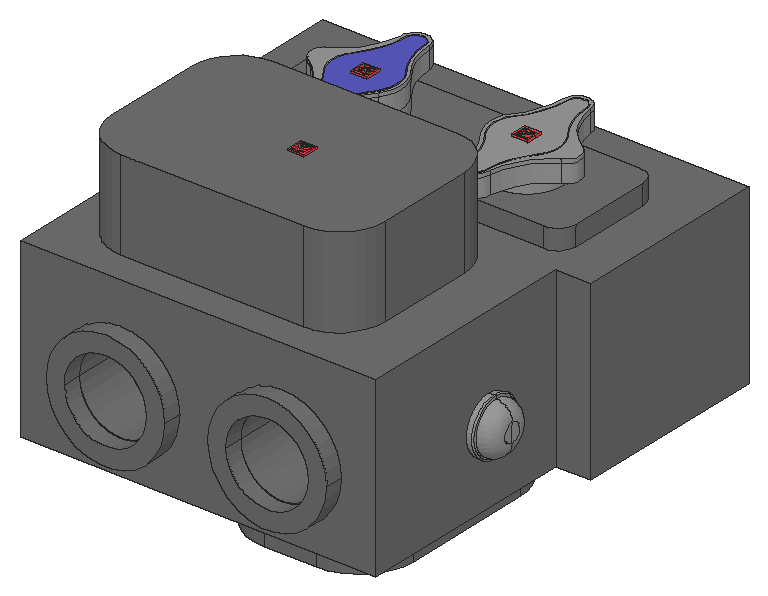
Revit family "HerzCon-Fan-coils and terminal units connection 90mm", category Rohrzubehör, Revit 2018
Family settings
  Bemaßung runder Anschluss = Durchmesser verwenden
  Teiletyp = Unterbricht
  OmniClass-Nummer = 23.65.55.14
  OmniClass-Titel = Valves for Liquid Services
  Arbeitsebenenbasiert = Nein
  Immer vertikal = Ja
  Beim Laden mit Abzugskörper schneiden = Nein
  Gemeinsam genutzt = Nein
Parameters (values of type "DN25")
  kvs-Wert (normal funktion) = "2.75"  # constant formula
  kvs-Wert (bypass funktion) = "10.00"  # constant formula
  URL = "www.herzvalves.com"
  SCRNSEQ = "ARM;TYP_ARM=\"DURR\";02"
  SCRNCODE = "05;04;04"  # constant formula
  Part number isolation [instance] = 1470098  # constant formula
  Part number [instance] = 1460058  # constant formula
  Nennweite SF [instance] = 32.00 mm  # constant formula
  Nennweite Kombi [instance] = 32.00 mm  # constant formula
  Nennweite KH [instance] = 25.00 mm  # constant formula
  Min. operating temperature = -20 °C  # constant formula
  Membranes and O-rings = "EPDM"  # constant formula
  Medium = "Water purity in accordance with the ÖNORM H 5195 and VDI 2035 standards.\r\nEthylene and propylene glycol can be mixed to a ratio of 25 - 50 vol. [%]."
  Max. operating temperature = 130 °C  # constant formula
  Max. operating pressure = 2500000.0 Pa  # constant formula
  Max. differential pressure = 400000.0 Pa  # constant formula
  L11 = 14.00 mm  # constant formula
  L10 = 25.00 mm  # constant formula
  L09 = 16.00 mm  # constant formula
  L08 = 14.75 mm  # constant formula
  L07 = 12.50 mm  # constant formula
  L06 = 20.50 mm  # constant formula
  L04 = 45.00 mm  # constant formula
  L03 = 18.00 mm  # constant formula
  L02 = 4.80 mm  # constant formula
  L01 = 19.85 mm  # constant formula
  L00 [instance] = 189.70 mm  # constant formula
  L05 = 22.00 mm  # constant formula
  Insulation box = "EPP, water vapour impermeable, black"  # constant formula
  Lift = "4 mm"  # constant formula
  Hersteller = "HERZ Armaturen Ges.m.b.H."  # constant formula
  H02 = D02 + 1.00 mm  # 28.00 mm
  H01 = 39.50 mm  # constant formula
  Insulation [instance] = yes
  D11 = 20.00 mm  # constant formula
  D10 = 13.00 mm  # constant formula
  D09 = 18.90 mm  # constant formula
  D08 = 19.10 mm  # constant formula
  D07 = 14.85 mm  # constant formula
  D06 = 32.60 mm  # constant formula
  D05 = 33.80 mm  # constant formula
  D04 = 15.50 mm  # constant formula
  D03 = 21.25 mm  # constant formula
  D02 = 27.00 mm  # constant formula
  D01 = 15.00 mm  # constant formula
  Body = "dezincification-resistant brass"  # constant formula
  Application = "HerzCON has been designed to give a simple connection to fan-coils, or other terminal units, and utilises the HERZ 4006 SMART Pressure Independent Balancing Control Valve with HERZ multifunctional ball valve and a HERZ strainer with HERZ drain valve 2512.\r\nOn/off or modulating 0 – 10 V DC actuators can be fitted and integrated to a BMS if required.\r\nThe unit allows pressure independent control ensuring full stroke regardless of pressure fluctuations, while guaranteeing a constant flow rate to the terminal unit maximising energy efficiency for the system.\r\nThe HerzCON unit also permits flushing and isolating operations to be undertaken.\r\nThis means there is no product differentiation between heating and chilled, one unit does both applications.\r\nThe drain cock fitted to the strainer allows flushing without the need to remove the strainer basket and also allows the strainer basket to be cleaned in-situ."
Reference planes
  plane 1 "Mitte (Vorne/hinten)": y = 0
  plane 2: z = 0
  plane 3 "Mitte (Links/rechts)": x = 0
Forms (mm)
  Revolve 1, solid, material "Messing, weicher Gelbton, geschweißt", detail levels fine
    sketch origin (-0.315, -1.436, 0) x (1, 0, 0) y (0, 1, 0)
      loop
        line (-94.535, 1.436) -> (95.165, 1.436) -> (95.165, 16.436) -> (75.315, 16.436) -> (75.315, 28.436) -> (23.115, 28.436) -> (23.115, 22.686) -> (18.315, 22.686) -> (18.315, 16.936) -> (-17.685, 16.936) -> (-17.685, 22.686) -> (-22.485, 22.686) -> (-22.485, 28.436) -> (-74.685, 28.436) -> (-74.685, 16.436) -> (-94.535, 16.436) -> (-94.535, 1.436)
      axis (95.165, 1.436) -> (-94.535, 1.436)
    angle from 0 to 360
  Revolve 2, solid, material "Messing, weicher Gelbton, geschweißt", detail levels fine
    sketch origin (0, 0, 0) x (1, 0, 0) y (0, 1, 0)
      loop
        line (-45, 28.35) -> (-57.5, 28.35) -> (-57.5, 47.45) -> (-65.5, 47.45) -> (-65.5, 32.6) -> (-67, 32.6) -> (-67, -33.8) -> (-59.75, -33.8) -> (-59.75, -45.7) -> (-70, -45.7) -> (-70, -65.7) -> (-61, -65.7) -> (-61, -52.7) -> (-45, -52.7) -> (-45, 28.35)
      axis (-45, 47.45) -> (-45, -65.7)
    angle from 0 to 360
  Revolve 3, solid, material "Messing, weicher Gelbton, geschweißt", detail levels fine
    sketch origin (0, 0, 0) x (-1, 0, 0) y (0, 1, 0)
      loop
        line (-45, 28.35) -> (-57.5, 28.35) -> (-57.5, 47.45) -> (-65.5, 47.45) -> (-65.5, 32.6) -> (-67, 32.6) -> (-67, -33.8) -> (-59.75, -33.8) -> (-59.75, -45.7) -> (-70, -45.7) -> (-70, -65.7) -> (-61, -65.7) -> (-61, -52.7) -> (-45, -52.7) -> (-45, 28.35)
      axis (-45, 47.45) -> (-45, -65.7)
    angle from 0 to 360
  Revolve 4, solid, material "Messing, weicher Gelbton, geschweißt", detail levels fine
    sketch origin (0, 0, 0) x (1, 0, 0) y (0, 0, 1)
      loop
        line (-45, 0) -> (-45, 39.5) -> (-59, 39.5) -> (-59, 0) -> (-45, 0)
      axis (-45, 0) -> (-45, 39.5)
    angle from 0 to 360
  Revolve 5, solid, material "Messing, weicher Gelbton, geschweißt", detail levels fine
    sketch origin (0, 0, 0) x (-1, 0, 0) y (0, 0, 1)
      loop
        line (-45, 0) -> (-45, 39.5) -> (-59, 39.5) -> (-59, 0) -> (-45, 0)
      axis (-45, 0) -> (-45, 39.5)
    angle from 0 to 360
  Revolve 6, solid, material "Messing, weicher Gelbton, geschweißt", detail levels fine
    sketch origin (0, 33.127, 0) x (1, 0, 0) y (0, 1, 0)
      loop
        line (45, -87.677) -> (29, -87.677) -> (29, -96.677) -> (30, -96.677) -> (30, -154.677) -> (29, -154.677) -> (29, -163.677) -> (45, -163.677) -> (45, -87.677)
      axis (45, -87.677) -> (45, -163.677)
    angle from 0 to 360
  Revolve 7, solid, material "Messing, weicher Gelbton, geschweißt", detail levels fine
    sketch origin (0, 0, 0) x (1, 0, 0) y (0, 1, 0)
      loop
        line (25, -92.55) -> (25, -107.55) -> (45, -107.55) -> (60, -111.55) -> (68, -111.55) -> (68, -107.55) -> (78, -107.55) -> (78, -105.55) -> (91, -105.55) -> (91, -106.55) -> (100, -106.55) -> (100, -92.55) -> (25, -92.55)
      axis (25, -92.55) -> (100, -92.55)
    angle from 0 to 360
  Revolve 8, solid, material "Messing, weicher Gelbton, geschweißt", detail levels fine
    sketch origin (0, 0, 0) x (1, 0, 0) y (0, 1, 0)
      loop
        line (25, -92.55) -> (11, -92.55) -> (11, -103.55) -> (15, -103.55) -> (15, -109.55) -> (25, -109.55) -> (25, -92.55)
      axis (11, -92.55) -> (25, -92.55)
    angle from 0 to 360
  Extrusion 9, solid, material "Messing, weicher Gelbton, geschweißt", detail levels fine
    sketch origin (0, 0, 0) x (0, 1, 0) y (0, 0, 1)
      loop
        line (-87.8, 46) -> (-97.3, 46) -> (-130.012, 27.114) -> (-134.762, 18.886) -> (-134.762, -18.886) -> (-130.012, -27.114) -> (-97.3, -46) -> (-87.8, -46) -> (-55.088, -27.114) -> (-50.338, -18.886) -> (-50.338, 18.886) -> (-55.088, 27.114) -> (-87.8, 46)
    from 11 to -10.6
  Revolve 10, solid, material "Messing, weicher Gelbton, geschweißt", detail levels fine
    sketch origin (0, 0, 0) x (1, 0, 0) y (0, 1, 0)
      loop
        line (-10.6, -92.55) -> (-10.6, -62.694) -> (-14.1, -75.05) -> (-14.1, -92.55) -> (-10.6, -92.55)
      axis (-14.1, -92.55) -> (-10.6, -92.55)
    angle from 0 to 360
  Extrusion 11, solid, material "Messing, weicher Gelbton, geschweißt", detail levels fine
    sketch origin (0, 0, 0) x (1, 0, 0) y (0, 0, 1)
      loop
        line (11, 8) -> (-6.1, 8)
        arc (-6.1, 8) -> (-14.1, 0) -> (-6.1, -8) r 8
        line (-6.1, -8) -> (11, -8) -> (11, 8)
    from 49.053 to 92.55
  Revolve 12, solid, material "Messing, weicher Gelbton, geschweißt", detail levels fine
    sketch origin (0, 0, 0) x (1, 0, 0) y (0, 1, 0)
      loop
        line (-13.1, -49.053) -> (-6.1, -49.053) -> (-6.1, -33.053) -> (-13.1, -33.053) -> (-13.1, -44.053) -> (-10.1, -44.053) -> (-10.1, -46.053) -> (-13.1, -46.053) -> (-13.1, -49.053)
      axis (-6.1, -33.053) -> (-6.1, -49.053)
    angle from 0 to 360
  Revolve 13, solid, material "Messing, weicher Gelbton, geschweißt", detail levels fine
    sketch origin (45, 0, 0) x (0, 1, 0) y (0, 0, 1)
      loop
        line (-107.55, 29) -> (-116.55, 29) -> (-116.55, 0) -> (-115.35, 0) -> (-115.35, -27) -> (-114.55, -27) -> (-114.55, -30) -> (-111.55, -30) -> (-111.55, -32) -> (-114.55, -32) -> (-114.55, -43) -> (-107.55, -43) -> (-107.55, 29)
      axis (-107.55, 29) -> (-107.55, -43)
    angle from 0 to 360
  Revolve 14, solid, material "Messing, weicher Gelbton, geschweißt", detail levels fine
    sketch origin (45, 0, 0) x (0, 1, 0) y (0, 0, 1)
      loop
        line (-68.55, 29) -> (-77.55, 29) -> (-77.55, 0) -> (-68.55, 0) -> (-68.55, 29)
      axis (-77.55, 29) -> (-77.55, 0)
    angle from 0 to 360
  Revolve 15, solid, material "Messing, weicher Gelbton, geschweißt", detail levels fine
    sketch origin (5.25, 97.957, 0) x (1, 0, 0) y (0, 1, 0)
      loop
        line (-50.25, -152.507) -> (-66.25, -152.507) -> (-66.25, -167.507) -> (-67.75, -167.507) -> (-67.75, -230.907) -> (-66.25, -230.907) -> (-66.25, -242.507) -> (-50.25, -242.507) -> (-50.25, -152.507)
      axis (-50.25, -152.507) -> (-50.25, -242.507)
    angle from 0 to 360
  Revolve 16, solid, material "Messing, weicher Gelbton, geschweißt", detail levels fine
    sketch origin (-45, -230.478, 0) x (0, 1, 0) y (0, 0, 1)
      loop
        arc (130.928, -23.913) -> (141.764, -20.377) -> (148.428, -11.13) r 18.37
        line (148.428, -11.13) -> (148.428, 3) -> (149.428, 4.812) -> (149.428, 32.5) -> (149.428, 34.5) -> (148.428, 34.5) -> (148.428, 36) -> (144.428, 36) -> (144.428, 49) -> (142.55, 50.084)
        arc (142.55, 50.084) -> (140.382, 52.622) -> (140.295, 55.959) r 5
        line (140.295, 55.959) -> (141.933, 61) -> (141.933, 76) -> (144.133, 76) -> (144.133, 77.5) -> (145.912, 77.5) -> (145.912, 84) -> (144.912, 86.5) -> (133.412, 86.5) -> (133.412, 89.5) -> (134.912, 89.5) -> (134.912, 91.5) -> (130.928, 91.5) -> (130.928, -23.913)
      axis (130.928, 91.5) -> (130.928, -23.913)
    angle from 0 to 360
  Extrusion 17, solid, material "Messing, weicher Gelbton, geschweißt", detail levels fine
    sketch origin (-1, -230.478, 0) x (0, 1, 0) y (0, 0, 1)
      loop
        circle (130.928, 65) r 5.5
    from -44 to -27
  Extrusion 18, solid, material "Kunststoff-Anthrazit/Schwarz", visible <- "Insulation", detail levels fine
    sketch origin (-452.346, 0, 0) x (1, 0, 0) y (0, 1, 0)
      loop
        line (332.346, 64.5) -> (332.346, -45.5) -> (351.746, -45.5) -> (351.746, -170.5) -> (549.946, -170.5) -> (549.946, -45.5) -> (569.346, -45.5) -> (569.346, 64.5) -> (332.346, 64.5)
    from -42 to 56
  Extrusion 19, void
    sketch origin (0, 0, 0) x (0, 1, 0) y (0, 0, 1)
      loop
        circle (-92.55, 0) r 15
    from 117 to 32.451
  Extrusion 20, void
    sketch origin (0, 0, 0) x (1, 0, 0) y (0, 0, 1)
      loop
        circle (-45, 0) r 23
      loop
        circle (45, 0) r 23
    from 184.5 to -80
  Extrusion 21, solid, material "Kunststoff-Anthrazit/Schwarz", visible <- "Insulation", detail levels fine
    sketch origin (0, 0, 0) x (1, 0, 0) y (0, 0, 1)
      loop
        circle (-45, 0) r 33
      loop
        circle (45, 0) r 33
    from 180.5 to 170.5
  Extrusion 22, solid, material "Kunststoff-Anthrazit/Schwarz", visible <- "Insulation", detail levels fine
    sketch origin (0, 0, 0) x (1, 0, 0) y (0, 0, 1)
      loop
        circle (-45, 0) r 33
      loop
        circle (45, 0) r 33
    from -64.5 to -74.5
  Extrusion 23, solid, material "Kunststoff-Anthrazit/Schwarz", visible <- "Insulation", detail levels fine
    sketch origin (0, 0, 0) x (1, 0, 0) y (0, 1, 0)
      loop
        line (43.2, -46.9) -> (-58.4, -46.9)
        arc (-58.4, -46.9) -> (-76.078, -54.222) -> (-83.4, -71.9) r 25
        line (-83.4, -71.9) -> (-83.4, -128)
        arc (-83.4, -128) -> (-76.078, -145.678) -> (-58.4, -153) r 25
        line (-58.4, -153) -> (43.2, -153)
        arc (43.2, -153) -> (60.878, -145.678) -> (68.2, -128) r 25
        line (68.2, -128) -> (68.2, -71.9)
        arc (68.2, -71.9) -> (60.878, -54.222) -> (43.2, -46.9) r 25
    from 56 to 106
  Extrusion 24, solid, material "Kunststoff-Anthrazit/Schwarz", visible <- "Insulation", detail levels fine
    sketch origin (0, 0, 0) x (1, 0, 0) y (0, 1, 0)
      loop
        arc (81.5, -33.43) -> (88.571, -30.501) -> (91.5, -23.43) r 10
        line (91.5, -23.43) -> (91.5, 22.8)
        arc (91.5, 22.8) -> (88.571, 29.871) -> (81.5, 32.8) r 10
        line (81.5, 32.8) -> (-81.5, 32.8)
        arc (-81.5, 32.8) -> (-88.571, 29.871) -> (-91.5, 22.8) r 10
        line (-91.5, 22.8) -> (-91.5, -23.43)
        arc (-91.5, -23.43) -> (-88.571, -30.501) -> (-81.5, -33.43) r 10
        line (-81.5, -33.43) -> (81.5, -33.43)
    from 56 to 67
  Extrusion 25, solid, material "Kunststoff-Anthrazit/Schwarz", visible <- "Insulation", detail levels fine
    sketch origin (0, 0, 0) x (1, 0, 0) y (0, 1, 0)
      loop
        arc (5.4, 1.85) -> (-15.813, -6.937) -> (-24.6, -28.15) r 30
        line (-24.6, -28.15) -> (-24.6, -102.9)
        arc (-24.6, -102.9) -> (-15.813, -124.113) -> (5.4, -132.9) r 30
        line (5.4, -132.9) -> (34.4, -132.9)
        arc (34.4, -132.9) -> (55.613, -124.113) -> (64.4, -102.9) r 30
        line (64.4, -102.9) -> (64.4, -28.15)
        arc (64.4, -28.15) -> (55.613, -6.937) -> (34.4, 1.85) r 30
        line (34.4, 1.85) -> (5.4, 1.85)
    from -42 to -76
Cuts and joins
  Extrusion 19, Extrusion 20 cuts Extrusion 18
  Extrusion 20 cuts Extrusion 21
  Extrusion 20 cuts Extrusion 22
Dimensions and locks
  "D04": Revolve 1 sketch curve to Revolve 1 sketch curve
  "D03": Revolve 1 sketch curve to Revolve 1 sketch curve  (x2)
  "D01": Revolve 1 sketch curve to Revolve 1 sketch curve  (x2)
  "D02": Revolve 1 sketch curve to Revolve 1 sketch curve  (x2)
  "L00": Revolve 1 sketch curve to Revolve 1 sketch curve
  "L01": Revolve 1 sketch curve to Revolve 1 sketch curve  (x2)
  "L02": Revolve 1 sketch curve to Revolve 1 sketch curve  (x2)
  equal spacing: Revolve 1 sketch curve, plane 3 "Mitte (Links/rechts)", Revolve 1 sketch curve
  "L03": Revolve 1 sketch curve to plane 3 "Mitte (Links/rechts)" to Revolve 1 sketch curve
  "L04": Revolve 2 sketch curve to plane 3 "Mitte (Links/rechts)"  (x2)
  "L05": Revolve 2 sketch curve to Revolve 2 sketch curve
  "D05": Revolve 2 sketch curve to plane 1 "Mitte (Vorne/hinten)"
  "D06": plane 1 "Mitte (Vorne/hinten)" to Revolve 2 sketch curve
  "L06": Revolve 2 sketch curve to Revolve 2 sketch curve
  "D07": Revolve 2 sketch curve to Revolve 2 sketch curve
  "D08": Revolve 2 sketch curve to Revolve 2 sketch curve
  "L07": Revolve 2 sketch curve to Revolve 2 sketch curve
  "L08": Revolve 2 sketch curve to Revolve 2 sketch curve
  "D09": Revolve 2 sketch curve to Revolve 2 sketch curve
  "D10": Revolve 2 sketch curve to Revolve 2 sketch curve
  "D11": Revolve 2 sketch curve to Revolve 2 sketch curve
  "L09": Revolve 2 sketch curve to Revolve 2 sketch curve
  "L10": Revolve 2 sketch curve to Revolve 2 sketch curve
  "L05": Revolve 3 sketch curve to Revolve 3 sketch curve
  "L06": Revolve 3 sketch curve to Revolve 3 sketch curve
  "D07": Revolve 3 sketch curve to Revolve 3 sketch curve
  "D08": Revolve 3 sketch curve to Revolve 3 sketch curve
  "L07": Revolve 3 sketch curve to Revolve 3 sketch curve
  "L08": Revolve 3 sketch curve to Revolve 3 sketch curve
  "D09": Revolve 3 sketch curve to Revolve 3 sketch curve
  "D10": Revolve 3 sketch curve to Revolve 3 sketch curve
  "D11": Revolve 3 sketch curve to Revolve 3 sketch curve
  "L09": Revolve 3 sketch curve to Revolve 3 sketch curve
  "L10": Revolve 3 sketch curve to Revolve 3 sketch curve
  "L04": plane 3 "Mitte (Links/rechts)" to Revolve 3 sketch curve  (x2)
  "D05": Revolve 3 sketch curve to plane 1 "Mitte (Vorne/hinten)"
  "D06": plane 1 "Mitte (Vorne/hinten)" to Revolve 3 sketch curve
  "H01": Revolve 4 sketch curve to plane 2
  "L04": plane 3 "Mitte (Links/rechts)" to Revolve 4 sketch curve  (x2)
  "L11": Revolve 4 sketch curve to Revolve 4 sketch curve
  "L11": Revolve 5 sketch curve to Revolve 5 sketch curve
  "L04": Revolve 5 sketch curve to plane 3 "Mitte (Links/rechts)"  (x2)
  "H01": Revolve 5 sketch curve to plane 2
  "L04": nested 3 to plane 3 "Mitte (Links/rechts)"
  "L04": plane 3 "Mitte (Links/rechts)" to nested 4
  "H02": nested 3 to plane 2
  "H02": nested 4 to plane 2
  "L04": plane 3 "Mitte (Links/rechts)" to Revolve 6 sketch curve  (x2)
  Revolve 6 sketch curve to Revolve 6 sketch curve = 16.00 mm  (x2)
  Revolve 6 sketch curve to Revolve 6 sketch curve = 15.00 mm
  Revolve 6 sketch curve to Revolve 6 sketch curve = 76.00 mm
  Revolve 6 sketch curve to Revolve 6 sketch curve = 9.00 mm  (x2)
  equal spacing: Revolve 6, Revolve 7 sketch curve, Revolve 6  (x2)
  Revolve 7 sketch curve to Revolve 7 sketch curve = 75.00 mm
  Revolve 7 sketch curve to Revolve 7 sketch curve = 9.00 mm
  Revolve 7 sketch curve to Revolve 7 sketch curve = 13.00 mm  (x2)
  Revolve 7 sketch curve to Revolve 7 sketch curve = 10.00 mm
  "L04": plane 3 "Mitte (Links/rechts)" to Revolve 7 sketch curve
  Revolve 7 sketch curve to Revolve 7 sketch curve = 14.00 mm
  Revolve 7 sketch curve to Revolve 7 sketch curve = 15.00 mm  (x2)
  Revolve 7 sketch curve to Revolve 7 sketch curve = 20.00 mm
  Revolve 7 sketch curve to Revolve 7 sketch curve = 35.00 mm
  Revolve 8 sketch curve to Revolve 7 = 20.00 mm
  equal spacing: Revolve 6, Revolve 8 sketch curve, Revolve 6  (x2)
  Revolve 8 sketch curve to Revolve 8 sketch curve = 17.00 mm
  Revolve 8 sketch curve to Revolve 8 sketch curve = 11.00 mm
  Revolve 8 sketch curve to Revolve 8 sketch curve = 14.00 mm
  Revolve 8 sketch curve to Revolve 8 sketch curve = 10.00 mm
  Revolve 6 to Extrusion 9 sketch curve = 4.212 mm
  Extrusion 9 sketch curve to Revolve 6 = 4.212 mm
  Extrusion 9 sketch curve to Extrusion 9 sketch curve = 84.424 mm
  equal spacing: Extrusion 9 sketch curve, level, Extrusion 9 sketch curve
  Extrusion 9 to Revolve 7 = 34.00 mm
  equal spacing: Revolve 6, Revolve 10 sketch curve, Revolve 6  (x2)
  Revolve 10 sketch curve to Revolve 10 sketch curve = 17.50 mm
  Revolve 10 sketch curve to Revolve 10 sketch curve = 29.856 mm
  Revolve 10 sketch curve to Extrusion 9 = 3.50 mm
  equal spacing: Revolve 6, nested 5, Revolve 6
  Revolve 7 to nested 5 = 46.00 mm
  Extrusion 9 to Revolve 10 = 25.10 mm
  Revolve 12 sketch curve to Revolve 12 sketch curve = 7.00 mm  (x2)
  Revolve 12 sketch curve to Revolve 12 sketch curve = 4.00 mm
  Revolve 12 sketch curve to Revolve 12 sketch curve = 3.00 mm
  Revolve 12 sketch curve to Revolve 12 sketch curve = 2.00 mm
  Revolve 12 sketch curve to Revolve 12 sketch curve = 11.00 mm
  Revolve 10 to Revolve 12 sketch curve = 1.00 mm
  Revolve 10 to Revolve 12 sketch curve = 8.00 mm
  Extrusion 11 to Revolve 12 sketch curve = 43.497 mm
  equal spacing: Revolve 6, Extrusion 11, Revolve 6
  Extrusion 11 to Extrusion 11 = 43.497 mm
  Revolve 3 to Revolve 6 = 178.00 mm
  Revolve 13 sketch curve to Revolve 13 sketch curve = 7.80 mm
  Revolve 13 sketch curve to Revolve 13 sketch curve = 9.00 mm
  Revolve 13 sketch curve to Revolve 13 sketch curve = 7.00 mm  (x2)
  Revolve 13 sketch curve to Revolve 13 sketch curve = 4.00 mm
  Revolve 13 sketch curve to Revolve 13 sketch curve = 3.00 mm
  Revolve 13 sketch curve to Revolve 13 sketch curve = 2.00 mm
  Revolve 13 sketch curve to Revolve 13 sketch curve = 11.00 mm
  "L04": plane 3 "Mitte (Links/rechts)" to Revolve 13
  Revolve 14 sketch curve to Revolve 14 sketch curve = 9.00 mm
  "L04": plane 3 "Mitte (Links/rechts)" to Revolve 14
  nested 7 to plane 2 = 29.00 mm
  nested 6 to plane 2 = 29.00 mm
  Revolve 15 sketch curve to Revolve 15 sketch curve = 11.60 mm
  Revolve 15 sketch curve to Revolve 15 sketch curve = 15.00 mm
  Revolve 15 sketch curve to Revolve 15 sketch curve = 90.00 mm
  Revolve 15 sketch curve to Revolve 15 sketch curve = 16.00 mm  (x2)
  Revolve 15 sketch curve to Revolve 15 sketch curve = 17.50 mm
  Revolve 15 to Revolve 16 sketch curve = 45.00 mm  (x2)
  Revolve 15 to Extrusion 17 sketch curve = 45.00 mm
  nested 8 to Revolve 15 = 45.00 mm
  plane 2 to Revolve 16 sketch curve = 23.913 mm
  Revolve 16 sketch curve to plane 2 = 34.50 mm
  Revolve 16 sketch curve to Revolve 16 sketch curve = 17.50 mm  (x2)
  Revolve 16 sketch curve to plane 2 = 4.812 mm
  Revolve 16 sketch curve to Revolve 16 sketch curve = 18.50 mm
  Revolve 16 sketch curve to Revolve 16 sketch curve = 1.50 mm
  Revolve 16 sketch curve to Revolve 16 sketch curve = 13.50 mm
  Revolve 16 sketch curve to Revolve 16 sketch curve = 13.00 mm
  "L04": Revolve 16 to plane 3 "Mitte (Links/rechts)"
  "L04": Revolve 15 sketch curve to plane 3 "Mitte (Links/rechts)"  (x2)
  Extrusion 17 to Extrusion 17 = 17.00 mm
  "L04": plane 3 "Mitte (Links/rechts)" to Extrusion 17
  Revolve 16 to Extrusion 17 sketch curve = 11.00 mm
  Extrusion 17 sketch curve to plane 2 = 65.00 mm
  Revolve 15 to Revolve 2 = 192.00 mm
  Extrusion 18 sketch curve to Extrusion 18 sketch curve = 237.00 mm
  Extrusion 18 sketch curve to Extrusion 18 sketch curve = 235.00 mm
  Extrusion 18 sketch curve to Extrusion 18 sketch curve = 19.40 mm  (x2)
  plane 1 "Mitte (Vorne/hinten)" to Extrusion 18 sketch curve = 64.50 mm
  Extrusion 18 sketch curve to Extrusion 18 sketch curve = 110.00 mm  (x2)
  cut or joined group of Extrusion 18, Extrusion 19, Extrusion 20 to Extrusion 19 sketch curve = 77.95 mm
  cut or joined group of Extrusion 18, Extrusion 19, Extrusion 20 to Extrusion 20 sketch curve = 52.00 mm
  cut or joined group of Extrusion 18, Extrusion 19, Extrusion 20 to Extrusion 20 sketch curve = 142.00 mm
  cut or joined group of Extrusion 18, Extrusion 19, Extrusion 20 to Extrusion 21 sketch curve = 42.00 mm
  cut or joined group of Extrusion 18, Extrusion 19, Extrusion 20 to Extrusion 21 sketch curve = 132.00 mm
  cut or joined group of Extrusion 18, Extrusion 19, Extrusion 20 to Extrusion 22 sketch curve = 42.00 mm
  cut or joined group of Extrusion 18, Extrusion 19, Extrusion 20 to Extrusion 22 sketch curve = 132.00 mm
  cut or joined group of Extrusion 18, Extrusion 19, Extrusion 20 to Extrusion 23 sketch curve = 17.50 mm
  cut or joined group of Extrusion 18, Extrusion 19, Extrusion 20 to Extrusion 23 sketch curve = 17.20 mm
  Extrusion 23 sketch curve to Extrusion 23 sketch curve = 151.60 mm
  Extrusion 23 sketch curve to Extrusion 23 sketch curve = 106.10 mm
  Extrusion 24 sketch curve to Extrusion 24 sketch curve = 66.23 mm
  Extrusion 24 sketch curve to Extrusion 24 sketch curve = 183.00 mm
  cut or joined group of Extrusion 18, Extrusion 19, Extrusion 20 to Extrusion 24 sketch curve = 28.50 mm
  Extrusion 24 sketch curve to cut or joined group of Extrusion 18, Extrusion 19, Extrusion 20 = 25.50 mm
  cut or joined group of Extrusion 18, Extrusion 19, Extrusion 20 to Extrusion 24 sketch curve = 31.70 mm
  cut or joined group of Extrusion 18, Extrusion 19, Extrusion 20 to Extrusion 25 sketch curve = 62.65 mm
  Extrusion 25 sketch curve to Extrusion 25 sketch curve = 134.75 mm
  Extrusion 25 sketch curve to cut or joined group of Extrusion 18, Extrusion 19, Extrusion 20 = 52.60 mm
  Extrusion 25 sketch curve to Extrusion 25 sketch curve = 89.00 mm
  equal spacing: Extrusion 23, nested 9, Extrusion 23
  nested 9 to plane 2 = 105.20 mm
  radius of Revolve 16 sketch curve = 18.37 mm
  radius of Extrusion 17 sketch curve = 5.50 mm
  diameter of Extrusion 19 sketch curve = 30.00 mm
  diameter of Extrusion 20 sketch curve = 46.00 mm  (x2)
  diameter of Extrusion 21 sketch curve = 66.00 mm  (x2)
  diameter of Extrusion 22 sketch curve = 66.00 mm  (x2)
  aligned and locked: level to plane 2
Automatic sketch dimensions
  Extrusion 11 sketch curve to level = 0.00 mm
  Extrusion 11 sketch curve to plane 3 "Mitte (Links/rechts)" = 6.10 mm
  plane 3 "Mitte (Links/rechts)" to Extrusion 11 sketch curve = 11.00 mm
  Extrusion 11 sketch curve to level = 8.00 mm
  Revolve 8 sketch curve to Revolve 8 sketch curve = 2.197 mm
  Revolve 8 sketch curve to Revolve 8 sketch curve = 3.212 mm
  level to Extrusion 9 sketch curve = 27.114 mm  (x2)
  Extrusion 9 sketch curve to Extrusion 9 sketch curve = 4.75 mm  (x4)
  Extrusion 9 sketch curve to level = 27.114 mm  (x2)
  Extrusion 9 sketch curve to Extrusion 9 sketch curve = 32.712 mm  (x2)
  Extrusion 9 sketch curve to Extrusion 9 sketch curve = 9.50 mm  (x2)
  Extrusion 9 sketch curve to Extrusion 9 sketch curve = 18.886 mm
  Extrusion 9 sketch curve to Extrusion 9 sketch curve = 8.227 mm  (x4)
  Revolve 10 sketch curve to plane 3 "Mitte (Links/rechts)" = 10.60 mm
  Revolve 10 sketch curve to Revolve 10 sketch curve = 0.00 mm  (x2)
  Revolve 12 sketch curve to Revolve 12 sketch curve = 1.775 mm
  Revolve 12 sketch curve to Revolve 12 sketch curve = 4.225 mm
  Revolve 13 sketch curve to level = 0.00 mm
  level to Revolve 13 sketch curve = 29.00 mm
  plane 1 "Mitte (Vorne/hinten)" to Revolve 13 sketch curve = 116.55 mm
  Revolve 13 sketch curve to level = 27.00 mm
  Revolve 13 sketch curve to Revolve 13 sketch curve = 7.00 mm
  Revolve 13 sketch curve to Revolve 13 sketch curve = 7.744 mm
  Revolve 13 sketch curve to Revolve 13 sketch curve = 8.256 mm
  Revolve 14 sketch curve to level = 0.00 mm
  level to Revolve 14 sketch curve = 29.00 mm
  plane 1 "Mitte (Vorne/hinten)" to Revolve 14 sketch curve = 77.55 mm
  Revolve 14 sketch curve to Revolve 14 sketch curve = 0.00 mm
  level to Revolve 14 sketch curve = 14.00 mm
  Revolve 14 sketch curve to Revolve 14 sketch curve = 5.00 mm
  Revolve 16 sketch curve to Revolve 16 sketch curve = 2.485 mm
  Revolve 16 sketch curve to Revolve 16 sketch curve = 1.50 mm  (x2)
  level to Revolve 16 sketch curve = 55.959 mm
  Revolve 16 sketch curve to Revolve 16 sketch curve = 4.133 mm
  level to Revolve 16 sketch curve = 61.00 mm
  Revolve 16 sketch curve to Revolve 16 sketch curve = 1.638 mm
  level to Revolve 16 sketch curve = 50.084 mm
  Revolve 16 sketch curve to Revolve 16 sketch curve = 1.878 mm
  Revolve 16 sketch curve to Revolve 16 sketch curve = 10.00 mm
  Revolve 16 sketch curve to Revolve 16 sketch curve = 2.50 mm  (x2)
  Revolve 16 sketch curve to Revolve 16 sketch curve = 1.00 mm
  Revolve 16 sketch curve to Revolve 16 sketch curve = 1.812 mm
  Revolve 16 sketch curve to Revolve 16 sketch curve = 2.00 mm  (x2)
  Revolve 16 sketch curve to Revolve 16 sketch curve = 15.00 mm
  Revolve 16 sketch curve to Revolve 16 sketch curve = 6.50 mm
  Revolve 16 sketch curve to Revolve 16 sketch curve = 3.00 mm
  Revolve 16 sketch curve to Revolve 16 sketch curve = 2.20 mm
  Revolve 16 sketch curve to Revolve 16 sketch curve = 1.316 mm
  Revolve 16 sketch curve to Revolve 16 sketch curve = 0.227 mm
  Extrusion 18 sketch curve to plane 3 "Mitte (Links/rechts)" = 120.00 mm
  Extrusion 19 sketch curve to level = 0.00 mm
  Extrusion 20 sketch curve to level = 0.00 mm  (x2)
  Extrusion 21 sketch curve to level = 0.00 mm  (x2)
  Extrusion 22 sketch curve to level = 0.00 mm  (x2)
  Extrusion 23 sketch curve to Extrusion 23 sketch curve = 25.00 mm  (x4)
  Extrusion 24 sketch curve to Extrusion 24 sketch curve = 10.00 mm  (x4)
  Extrusion 25 sketch curve to Extrusion 25 sketch curve = 30.00 mm
  plane 1 "Mitte (Vorne/hinten)" to Extrusion 25 sketch curve = 28.15 mm
  Extrusion 25 sketch curve to Extrusion 25 sketch curve = 29.00 mm  (x2)
  Revolve 1 sketch curve to plane 1 "Mitte (Vorne/hinten)" = 0.00 mm
  plane 1 "Mitte (Vorne/hinten)" to Revolve 1 sketch curve = 0.00 mm
  Revolve 1 sketch curve to Revolve 1 sketch curve = 1933.131 mm
  Revolve 1 sketch curve to Revolve 1 sketch curve = 1932.50 mm
  plane 1 "Mitte (Vorne/hinten)" to Revolve 2 sketch curve = 18.80 mm
  Revolve 2 sketch curve to Revolve 2 sketch curve = 12.268 mm
  Revolve 3 sketch curve to plane 1 "Mitte (Vorne/hinten)" = 18.80 mm
  Revolve 3 sketch curve to Revolve 3 sketch curve = 12.268 mm
  Revolve 4 sketch curve to level = 0.00 mm  (x2)
  Revolve 4 sketch curve to Revolve 4 sketch curve = 9.50 mm
  Revolve 5 sketch curve to level = 0.00 mm  (x2)
  Revolve 5 sketch curve to Revolve 5 sketch curve = 9.50 mm
  plane 1 "Mitte (Vorne/hinten)" to Revolve 6 sketch curve = 130.55 mm
  Revolve 6 sketch curve to Revolve 6 sketch curve = 6.00 mm
  Revolve 6 sketch curve to Revolve 6 sketch curve = 5.00 mm
  Revolve 7 sketch curve to Revolve 7 sketch curve = 4.00 mm
  Revolve 7 sketch curve to Revolve 7 sketch curve = 15.00 mm
  Revolve 7 sketch curve to Revolve 7 sketch curve = 11.575 mm
  plane 1 "Mitte (Vorne/hinten)" to Revolve 15 sketch curve = 144.55 mm
  Revolve 15 sketch curve to Revolve 15 sketch curve = 6.926 mm
  Revolve 15 sketch curve to Revolve 15 sketch curve = 10.00 mm
Nested families
  nested 1: "Herz-Logo-vorne" at (-0.315, -15.5, 0) x (0, 1, 0) z (0, 0, 1), type "Herz-Logo-vorne", detail levels fine
  nested 2: "Herz-Logo-vorne" at (-0.315, 15.5, 0) x (0, 1, 0) z (0, 0, 1), type "Herz-Logo-vorne", detail levels fine
  nested 3: "Handrad (blau) für HerzCon DN25-DN32" at (-45, 0, 28) x (0, -1, 0) z (0, 0, 1), type "Handrad (blau) für HerzCon DN25-DN32", detail levels fine
  nested 4: "Handrad (rot) für HerzCon DN25-DN32" at (45, 0, 28) x (0, 1, 0) z (0, 0, 1), type "Handrad (rot) für HerzCon DN25-DN32", detail levels fine
  nested 5: "Bauschutzkappe für HerCon" at (91, -92.55, 0), type "Bauschutzkappe für HerCon"
  nested 6: "Messstutzen_Band_Austritt_senkrecht_(oben)" at (45, -77.55, 11.5), type "Messstutzen_Band_Austritt_senkrecht_(oben)"
    with Schutzkappe yes, Nennweite 0.00 mm, Gewicht 0.00 kg, Bestellnummer 0
  nested 7: "Messstutzen_Band_Eintritt_senkrecht_(oben)" at (45, -107.55, 11.5), type "Messstutzen_Band_Eintritt_senkrecht_(oben)"
    with Schutzkappe yes, Nennweite 0.00 mm, Gewicht 0.00 kg, Bestellnummer 0
  nested 8: "Flügelgriff rot (seite)" at (-32.6, -99.55, 65), type "Flügelgriff rot (seite)"
  nested 9: "Herz-Logo" at (0, -99.95, 105.2), visible <- "Insulation", type "Herz-Logo", detail levels fine
Connectors
  piping at (45, -130.55, 0), diameter 32, driven by "Nennweite Kombi"
    settings: on Revolve 6, index 1, connector inside diameter 609.6 mm, connector length 0.00 mm, flow factor 0, pipe flow 0.0 L/s, pressure drop 0.0 Pa, fitting loss kfactor 0, connector angle 0.00°, fixture units 0, engagement length 0.00 mm, angle of deflection 0.00°, flow configuration 0, flow direction 1, fitting loss method 0, system type 7, joint type 0, gender type 0, connector reference index -1, connector utility 0, adjustable connector no, is connector primary yes, connector description ""
  piping at (-45, -144.55, 0), diameter 32, driven by "Nennweite SF"
    settings: on Revolve 15, index 2, connector inside diameter 609.6 mm, connector length 0.00 mm, flow factor 0, pipe flow 0.0 L/s, pressure drop 0.0 Pa, fitting loss kfactor 0, connector angle 0.00°, fixture units 0, engagement length 0.00 mm, angle of deflection 0.00°, flow configuration 0, flow direction 2, fitting loss method 0, system type 8, joint type 0, gender type 0, connector reference index -1, connector utility 0, adjustable connector no, is connector primary no, connector description ""
  piping at (-45, 28.35, 0), diameter 25, driven by "Nennweite KH"
    settings: on Revolve 2, index 3, connector inside diameter 609.6 mm, connector length 0.00 mm, flow factor 0, pipe flow 0.0 L/s, pressure drop 0.0 Pa, fitting loss kfactor 0, connector angle 0.00°, fixture units 0, engagement length 0.00 mm, angle of deflection 0.00°, flow configuration 0, flow direction 1, fitting loss method 0, system type 8, joint type 0, gender type 0, connector reference index -1, connector utility 0, adjustable connector no, is connector primary no, connector description ""
  piping at (45, 28.35, 0), diameter 25, driven by "Nennweite KH"
    settings: on Revolve 3, index 4, connector inside diameter 609.6 mm, connector length 0.00 mm, flow factor 0, pipe flow 0.0 L/s, pressure drop 0.0 Pa, fitting loss kfactor 0, connector angle 0.00°, fixture units 0, engagement length 0.00 mm, angle of deflection 0.00°, flow configuration 0, flow direction 2, fitting loss method 0, system type 7, joint type 0, gender type 0, connector reference index -1, connector utility 0, adjustable connector no, is connector primary no, connector description ""
Definition of nested family "Herz-Logo-vorne"
  Reference planes
    plane 1 "Mitte (Vorne/hinten)": y = 0
    plane 2: z = 0
    plane 3 "Mitte (Links/rechts)": x = 0
  Forms (mm)
    Extrusion 1, solid
      sketch origin (0.732, -0.018, 0.017) x (0, -1, 0) y (0, 0, 1)
        loop
          line (-0.018, -4.517) -> (4.482, -4.517) -> (4.482, 4.483) -> (-4.518, 4.483) -> (-4.518, -4.517) -> (-0.018, -4.517)
        loop
          line (-0.05, -3.48) -> (3.482, -3.48) -> (3.482, 3.483) -> (-3.518, 3.483) -> (-3.518, -3.48) -> (-0.05, -3.48)
        loop
          arc (-0.018, 2.383) -> (-1.543, 3.287) -> (-3.067, 2.383) r 1.738
          arc (-3.067, 2.383) -> (-3.191, 1.899) -> (-3.067, 1.415) r 1.009
          line (-3.067, 1.415) -> (-0.018, -3.281) -> (3.032, 1.415)
          arc (3.032, 1.415) -> (3.156, 1.899) -> (3.032, 2.383) r 1.009
          arc (3.032, 2.383) -> (1.507, 3.287) -> (-0.018, 2.383) r 1.738
        loop
          arc (1.885, 1.272) -> (2.005, 1.675) -> (1.885, 2.079) r 0.74
          arc (1.885, 2.079) -> (1.265, 2.416) -> (0.644, 2.079) r 0.74
          line (0.644, 2.079) -> (-0.018, 0.97) -> (-0.679, 2.079)
          arc (-0.679, 2.079) -> (-1.3, 2.416) -> (-1.921, 2.079) r 0.74
          arc (-1.921, 2.079) -> (-2.04, 1.675) -> (-1.921, 1.272) r 0.74
          line (-1.921, 1.272) -> (-0.018, -1.658) -> (1.885, 1.272)
      from 0 to 1.5
  Dimensions and locks
    aligned and locked: level to plane 2
Definition of nested family "Handrad (blau) für HerzCon DN25-DN32"
  Reference planes
    plane 1 "Mitte (Vorne/hinten)": y = 0
    plane 2: z = 0
    plane 3 "Mitte (Links/rechts)": x = 0
  Forms (mm)
    Extrusion 1, solid, detail levels fine
      sketch origin (0, 0, 0) x (1, 0, 0) y (0, 1, 0)
        loop
          circle (0, 0) r 20
      from 0 to 45
    Extrusion 2, solid, detail levels fine
      sketch origin (0, 0, 0) x (1, 0, 0) y (0, 1, 0)
        loop
          arc (-35, 7.5) -> (-42.5, 0) -> (-35, -7.5) r 7.5
          arc (-35, -7.5) -> (-19.287, -13.2) -> (-7.275, -24.825) r 40
          arc (-7.275, -24.825) -> (0, -30) -> (7.275, -24.825) r 7.7
          arc (7.275, -24.825) -> (19.287, -13.2) -> (35, -7.5) r 40
          arc (35, -7.5) -> (42.5, 0) -> (35, 7.5) r 7.5
          arc (35, 7.5) -> (22.22, 10.127) -> (10.965, 16.726) r 40
          arc (10.965, 16.726) -> (0, 20) -> (-10.965, 16.726) r 20
          arc (-10.965, 16.726) -> (-22.22, 10.127) -> (-35, 7.5) r 40
      from 45 to 55
    Extrusion 3, solid, detail levels fine
      sketch origin (0, 0, 0) x (1, 0, 0) y (0, 1, 0)
        loop
          arc (-35, 7.5) -> (-42.5, 0) -> (-35, -7.5) r 7.5
          arc (-35, -7.5) -> (-19.287, -13.2) -> (-7.275, -24.825) r 40
          arc (-7.275, -24.825) -> (0, -30) -> (7.275, -24.825) r 7.7
          arc (7.275, -24.825) -> (19.287, -13.2) -> (35, -7.5) r 40
          arc (35, -7.5) -> (42.5, 0) -> (35, 7.5) r 7.5
          arc (35, 7.5) -> (22.22, 10.127) -> (10.965, 16.726) r 40
          arc (10.965, 16.726) -> (0, 20) -> (-10.965, 16.726) r 20
          arc (-10.965, 16.726) -> (-22.22, 10.127) -> (-35, 7.5) r 40
        loop
          arc (-34.965, 5.5) -> (-40.5, 0) -> (-34.965, -5.5) r 5.5
          arc (-34.965, -5.5) -> (-21.579, -8.231) -> (-9.777, -15.113) r 42
          arc (-9.777, -15.113) -> (0, -18) -> (9.777, -15.113) r 18
          arc (9.777, -15.113) -> (21.579, -8.231) -> (34.965, -5.5) r 42
          arc (34.965, -5.5) -> (40.5, 0) -> (34.965, 5.5) r 5.5
          arc (34.965, 5.5) -> (21.579, 8.231) -> (9.777, 15.113) r 42
          arc (9.777, 15.113) -> (0, 18) -> (-9.777, 15.113) r 18
          arc (-9.777, 15.113) -> (-21.579, 8.231) -> (-34.965, 5.5) r 42
      from 55 to 57
    Extrusion 4, solid, detail levels fine
      sketch origin (0, 0, 0) x (1, 0, 0) y (0, 1, 0)
        loop
          arc (-34.965, 5.5) -> (-40.5, 0) -> (-34.965, -5.5) r 5.5
          arc (-34.965, -5.5) -> (-21.579, -8.231) -> (-9.777, -15.113) r 42
          arc (-9.777, -15.113) -> (0, -18) -> (9.777, -15.113) r 18
          arc (9.777, -15.113) -> (21.579, -8.231) -> (34.965, -5.5) r 42
          arc (34.965, -5.5) -> (40.5, 0) -> (34.965, 5.5) r 5.5
          arc (34.965, 5.5) -> (21.579, 8.231) -> (9.777, 15.113) r 42
          arc (9.777, 15.113) -> (0, 18) -> (-9.777, 15.113) r 18
          arc (-9.777, 15.113) -> (-21.579, 8.231) -> (-34.965, 5.5) r 42
      from 55 to 57
  Dimensions and locks
    aligned and locked: level to plane 2
  Nested families
    nested 1: "Herz-Logo" at (0, 0, 56.5), type "Herz-Logo", detail levels fine
  Definition of nested family "Herz-Logo"
    Reference planes
      plane 1 "Mitte (Vorne/hinten)": y = 0
      plane 2: z = 0
      plane 3 "Mitte (Links/rechts)": x = 0
    Forms (mm)
      Extrusion 1, solid
        sketch origin (0, 0, 0) x (1, 0, 0) y (0, 1, 0)
          loop
            line (-0.018, -4.517) -> (4.482, -4.517) -> (4.482, 4.483) -> (-4.518, 4.483) -> (-4.518, -4.517) -> (-0.018, -4.517)
          loop
            line (-0.05, -3.48) -> (3.482, -3.48) -> (3.482, 3.483) -> (-3.518, 3.483) -> (-3.518, -3.48) -> (-0.05, -3.48)
          loop
            arc (-0.018, 2.383) -> (-1.543, 3.287) -> (-3.067, 2.383) r 1.738
            arc (-3.067, 2.383) -> (-3.191, 1.899) -> (-3.067, 1.415) r 1.009
            line (-3.067, 1.415) -> (-0.018, -3.281) -> (3.032, 1.415)
            arc (3.032, 1.415) -> (3.156, 1.899) -> (3.032, 2.383) r 1.009
            arc (3.032, 2.383) -> (1.507, 3.287) -> (-0.018, 2.383) r 1.738
          loop
            arc (1.885, 1.272) -> (2.005, 1.675) -> (1.885, 2.079) r 0.74
            arc (1.885, 2.079) -> (1.265, 2.416) -> (0.644, 2.079) r 0.74
            line (0.644, 2.079) -> (-0.018, 0.97) -> (-0.679, 2.079)
            arc (-0.679, 2.079) -> (-1.3, 2.416) -> (-1.921, 2.079) r 0.74
            arc (-1.921, 2.079) -> (-2.04, 1.675) -> (-1.921, 1.272) r 0.74
            line (-1.921, 1.272) -> (-0.018, -1.658) -> (1.885, 1.272)
        from 0 to 1.5
    Dimensions and locks
      aligned and locked: level to plane 2
Definition of nested family "Handrad (rot) für HerzCon DN25-DN32"
  Reference planes
    plane 1 "Mitte (Vorne/hinten)": y = 0
    plane 2: z = 0
    plane 3 "Mitte (Links/rechts)": x = 0
  Forms (mm)
    Extrusion 1, solid, detail levels fine
      sketch origin (0, 0, 0) x (1, 0, 0) y (0, 1, 0)
        loop
          circle (0, 0) r 20
      from 0 to 45
    Extrusion 2, solid, detail levels fine
      sketch origin (0, 0, 0) x (1, 0, 0) y (0, 1, 0)
        loop
          arc (-35, 7.5) -> (-42.5, 0) -> (-35, -7.5) r 7.5
          arc (-35, -7.5) -> (-19.287, -13.2) -> (-7.275, -24.825) r 40
          arc (-7.275, -24.825) -> (0, -30) -> (7.275, -24.825) r 7.7
          arc (7.275, -24.825) -> (19.287, -13.2) -> (35, -7.5) r 40
          arc (35, -7.5) -> (42.5, 0) -> (35, 7.5) r 7.5
          arc (35, 7.5) -> (22.22, 10.127) -> (10.965, 16.726) r 40
          arc (10.965, 16.726) -> (0, 20) -> (-10.965, 16.726) r 20
          arc (-10.965, 16.726) -> (-22.22, 10.127) -> (-35, 7.5) r 40
      from 45 to 55
    Extrusion 3, solid, detail levels fine
      sketch origin (0, 0, 0) x (1, 0, 0) y (0, 1, 0)
        loop
          arc (-35, 7.5) -> (-42.5, 0) -> (-35, -7.5) r 7.5
          arc (-35, -7.5) -> (-19.287, -13.2) -> (-7.275, -24.825) r 40
          arc (-7.275, -24.825) -> (0, -30) -> (7.275, -24.825) r 7.7
          arc (7.275, -24.825) -> (19.287, -13.2) -> (35, -7.5) r 40
          arc (35, -7.5) -> (42.5, 0) -> (35, 7.5) r 7.5
          arc (35, 7.5) -> (22.22, 10.127) -> (10.965, 16.726) r 40
          arc (10.965, 16.726) -> (0, 20) -> (-10.965, 16.726) r 20
          arc (-10.965, 16.726) -> (-22.22, 10.127) -> (-35, 7.5) r 40
        loop
          arc (-34.965, 5.5) -> (-40.5, 0) -> (-34.965, -5.5) r 5.5
          arc (-34.965, -5.5) -> (-21.579, -8.231) -> (-9.777, -15.113) r 42
          arc (-9.777, -15.113) -> (0, -18) -> (9.777, -15.113) r 18
          arc (9.777, -15.113) -> (21.579, -8.231) -> (34.965, -5.5) r 42
          arc (34.965, -5.5) -> (40.5, 0) -> (34.965, 5.5) r 5.5
          arc (34.965, 5.5) -> (21.579, 8.231) -> (9.777, 15.113) r 42
          arc (9.777, 15.113) -> (0, 18) -> (-9.777, 15.113) r 18
          arc (-9.777, 15.113) -> (-21.579, 8.231) -> (-34.965, 5.5) r 42
      from 55 to 57
    Extrusion 4, solid, detail levels fine
      sketch origin (0, 0, 0) x (1, 0, 0) y (0, 1, 0)
        loop
          arc (-34.965, 5.5) -> (-40.5, 0) -> (-34.965, -5.5) r 5.5
          arc (-34.965, -5.5) -> (-21.579, -8.231) -> (-9.777, -15.113) r 42
          arc (-9.777, -15.113) -> (0, -18) -> (9.777, -15.113) r 18
          arc (9.777, -15.113) -> (21.579, -8.231) -> (34.965, -5.5) r 42
          arc (34.965, -5.5) -> (40.5, 0) -> (34.965, 5.5) r 5.5
          arc (34.965, 5.5) -> (21.579, 8.231) -> (9.777, 15.113) r 42
          arc (9.777, 15.113) -> (0, 18) -> (-9.777, 15.113) r 18
          arc (-9.777, 15.113) -> (-21.579, 8.231) -> (-34.965, 5.5) r 42
      from 55 to 57
  Dimensions and locks
    aligned and locked: level to plane 2
  Nested families
    nested 1: "Herz-Logo" at (0, 0, 56.5), type "Herz-Logo", detail levels fine
  Definition of nested family "Herz-Logo"
    Reference planes
      plane 1 "Mitte (Vorne/hinten)": y = 0
      plane 2: z = 0
      plane 3 "Mitte (Links/rechts)": x = 0
    Forms (mm)
      Extrusion 1, solid
        sketch origin (0, 0, 0) x (1, 0, 0) y (0, 1, 0)
          loop
            line (-0.018, -4.517) -> (4.482, -4.517) -> (4.482, 4.483) -> (-4.518, 4.483) -> (-4.518, -4.517) -> (-0.018, -4.517)
          loop
            line (-0.05, -3.48) -> (3.482, -3.48) -> (3.482, 3.483) -> (-3.518, 3.483) -> (-3.518, -3.48) -> (-0.05, -3.48)
          loop
            arc (-0.018, 2.383) -> (-1.543, 3.287) -> (-3.067, 2.383) r 1.738
            arc (-3.067, 2.383) -> (-3.191, 1.899) -> (-3.067, 1.415) r 1.009
            line (-3.067, 1.415) -> (-0.018, -3.281) -> (3.032, 1.415)
            arc (3.032, 1.415) -> (3.156, 1.899) -> (3.032, 2.383) r 1.009
            arc (3.032, 2.383) -> (1.507, 3.287) -> (-0.018, 2.383) r 1.738
          loop
            arc (1.885, 1.272) -> (2.005, 1.675) -> (1.885, 2.079) r 0.74
            arc (1.885, 2.079) -> (1.265, 2.416) -> (0.644, 2.079) r 0.74
            line (0.644, 2.079) -> (-0.018, 0.97) -> (-0.679, 2.079)
            arc (-0.679, 2.079) -> (-1.3, 2.416) -> (-1.921, 2.079) r 0.74
            arc (-1.921, 2.079) -> (-2.04, 1.675) -> (-1.921, 1.272) r 0.74
            line (-1.921, 1.272) -> (-0.018, -1.658) -> (1.885, 1.272)
        from 0 to 1.5
    Dimensions and locks
      aligned and locked: level to plane 2
Definition of nested family "Bauschutzkappe für HerCon"
  Reference planes
    plane 1 "Mitte (Vorne/hinten)": y = 0
    plane 2: z = 0
    plane 3 "Mitte (Links/rechts)": x = 0
  Forms (mm)
    Revolve 1, solid, detail levels fine
      sketch origin (0, 0, 0) x (0, 0, 1) y (-1, 0, 0)
        loop
          line (0, 0) -> (-15.5, 0) -> (-15.5, -10.067)
          arc (-15.5, -10.067) -> (-15.733, -10.629) -> (-15.25, -11) r 0.5
          line (-15.25, -11) -> (-14.093, -11)
          arc (-14.093, -11) -> (-11.457, -17.364) -> (-5.093, -20) r 9
          line (-5.093, -20) -> (0, -20) -> (0, 0)
        axis (0, 0) -> (0, -20)
      angle from 0 to 360
  Dimensions and locks
    aligned and locked: level to plane 2
Definition of nested family "Messstutzen_Band_Austritt_senkrecht_(oben)"
  Parameters (values of type "Messstutzen_Band_Austritt_senkrecht_(oben)")
    URL = "www.herz-armaturen.at"
    Schutzkappe [instance] = yes
    Nennweite [instance] = 0.00 mm
    Manufacturer = "Herz Armaturen GmbH"  # constant formula
    Gewicht [instance] = 0.00 kg
    Bestellnummer [instance] = 0
  Reference planes
    plane 1 "Mitte (Vorne/hinten)": y = 0
    plane 2: z = 0
    plane 3 "Mitte (Links/rechts)": x = 0
    plane 4 "Schlaufe 1": z = -27
    plane 5 "Schlaufe 2": z = -31.678
  Forms (mm)
    Revolve 1, solid, detail levels fine
      sketch origin (0, 0, 0) x (1, 0, 0) y (0, 0, 1)
        loop
          line (-7.4, 9) -> (-5.55, 9) -> (-5.55, 6)
          arc (-5.55, 6) -> (-5.626, 5.617) -> (-5.843, 5.293) r 1
          line (-5.843, 5.293) -> (-6.455, 4.681) -> (-6.455, 0.9) -> (-5.555, 0) -> (-2, 0) -> (-2, 17.5) -> (-8.4, 17.5)
          arc (-8.4, 17.5) -> (-7.693, 17.207) -> (-7.4, 16.5) r 1
          line (-7.4, 16.5) -> (-7.4, 9)
        loop
          line (-3.7, 27) -> (-7.3, 27) -> (-7.9, 26.4) -> (-7.9, 23) -> (-2, 23) -> (-2, 35.8) -> (-3.805, 35.8) -> (-4.415, 35.19) -> (-4.415, 30.863) -> (-3.7, 30.45) -> (-3.7, 27)
        axis (0, 0) -> (0, 35.8)
      angle from 0 to 360
    Extrusion 2, solid, detail levels fine
      sketch origin (0, 0, 17.5) x (0, 1, 0) y (-1, 0, 0)
        loop
          arc (-7.07, 5.156) -> (-7.578, 4.375) -> (-8, 3.544) r 8.75
          line (-8, 3.544) -> (-8, -3.544)
          arc (-8, -3.544) -> (-7.578, -4.375) -> (-7.07, -5.156) r 8.75
          line (-7.07, -5.156) -> (-0.93, -8.7)
          arc (-0.93, -8.7) -> (0, -8.75) -> (0.93, -8.7) r 8.75
          line (0.93, -8.7) -> (7.07, -5.156)
          arc (7.07, -5.156) -> (7.578, -4.375) -> (8, -3.544) r 8.75
          line (8, -3.544) -> (8, 3.544)
          arc (8, 3.544) -> (7.578, 4.375) -> (7.07, 5.156) r 8.75
          line (7.07, 5.156) -> (0.93, 8.7)
          arc (0.93, 8.7) -> (0, 8.75) -> (-0.93, 8.7) r 8.75
          line (-0.93, 8.7) -> (-7.07, 5.156)
      from 0 to 5.5
    Revolve 3, solid, visible <- "Schutzkappe", detail levels fine
      sketch origin (0, 0, 0) x (1, 0, 0) y (0, 0, 1)
        loop
          line (0, 35.878) -> (0, 36.678) -> (-7, 36.678) -> (-7, 33.378) -> (-6.1, 33.378) -> (-6.1, 31.678) -> (-6.9, 31.678) -> (-6.9, 30.178) -> (-4.415, 30.178) -> (-4.415, 35.268) -> (-3.805, 35.878) -> (0, 35.878)
        axis (0, 30.178) -> (0, 36.678)
      angle from 0 to 360
    Extrusion 4, solid, detail levels fine
      sketch origin (0, 0, 28.5) x (1, 0, 0) y (0, 1, 0)
        loop
          circle (0, 0) r 3.7
        loop
          arc (-3.906, 5.505) -> (0, -6.75) -> (3.906, 5.505) r 6.75
          arc (3.906, 5.505) -> (2.358, 7.288) -> (1.8, 9.582) r 5
          line (1.8, 9.582) -> (-1.8, 9.582)
          arc (-1.8, 9.582) -> (-2.358, 7.288) -> (-3.906, 5.505) r 5
      from 0 to -1.5
    Extrusion 5, solid, detail levels fine
      sketch origin (0, 0, 33.178) x (1, 0, 0) y (0, 1, 0)
        loop
          circle (0, 0) r 6.1
        loop
          arc (-4.495, 8.652) -> (0, -9.75) -> (4.495, 8.652) r 9.75
          arc (4.495, 8.652) -> (2.527, 10.493) -> (1.8, 13.089) r 5
          line (1.8, 13.089) -> (-1.8, 13.089)
          arc (-1.8, 13.089) -> (-2.527, 10.493) -> (-4.495, 8.652) r 5
      from 0 to -1.5
    Sweep 6, solid, detail levels fine
      path origin (0, 0, 0) x (0, 0, -1) y (0, -1, 0)
        loop
          line (-27.75, -9.582) -> (-27.75, -14.522)
          arc (-27.75, -14.522) -> (-30.089, -16.862) -> (-32.428, -14.522) r 2.339
          line (-32.428, -14.522) -> (-32.428, -13.089)
      profile origin (0, 12.052, 27.75) x (0, 0, 1) y (1, 0, 0)
        loop
          line (-0.75, -1.8) -> (0.75, -1.8) -> (0.75, 1.8) -> (-0.75, 1.8) -> (-0.75, -1.8)
  Dimensions and locks
    aligned and locked: level to plane 2
Definition of nested family "Messstutzen_Band_Eintritt_senkrecht_(oben)"
  Parameters (values of type "Messstutzen_Band_Eintritt_senkrecht_(oben)")
    URL = "www.herz-armaturen.at"
    Schutzkappe [instance] = yes
    Nennweite [instance] = 0.00 mm
    Manufacturer = "Herz Armaturen GmbH"  # constant formula
    Gewicht [instance] = 0.00 kg
    Bestellnummer [instance] = 0
  Reference planes
    plane 1 "Mitte (Vorne/hinten)": y = 0
    plane 2: z = 0
    plane 3 "Mitte (Links/rechts)": x = 0
    plane 4 "Schlaufe 1": z = -27
    plane 5 "Schlaufe 2": z = -31.678
  Forms (mm)
    Revolve 1, solid, detail levels fine
      sketch origin (0, 0, 0) x (1, 0, 0) y (0, 0, 1)
        loop
          line (-7.4, 9) -> (-5.55, 9) -> (-5.55, 6)
          arc (-5.55, 6) -> (-5.626, 5.617) -> (-5.843, 5.293) r 1
          line (-5.843, 5.293) -> (-6.455, 4.681) -> (-6.455, 0.9) -> (-5.555, 0) -> (-2, 0) -> (-2, 17.5) -> (-8.4, 17.5)
          arc (-8.4, 17.5) -> (-7.693, 17.207) -> (-7.4, 16.5) r 1
          line (-7.4, 16.5) -> (-7.4, 9)
        loop
          line (-3.7, 27) -> (-7.3, 27) -> (-7.9, 26.4) -> (-7.9, 23) -> (-2, 23) -> (-2, 35.8) -> (-3.805, 35.8) -> (-4.415, 35.19) -> (-4.415, 30.863) -> (-3.7, 30.45) -> (-3.7, 27)
        axis (0, 0) -> (0, 35.8)
      angle from 0 to 360
    Extrusion 2, solid, detail levels fine
      sketch origin (0, 0, 17.5) x (0, 1, 0) y (-1, 0, 0)
        loop
          arc (-7.07, 5.156) -> (-7.578, 4.375) -> (-8, 3.544) r 8.75
          line (-8, 3.544) -> (-8, -3.544)
          arc (-8, -3.544) -> (-7.578, -4.375) -> (-7.07, -5.156) r 8.75
          line (-7.07, -5.156) -> (-0.93, -8.7)
          arc (-0.93, -8.7) -> (0, -8.75) -> (0.93, -8.7) r 8.75
          line (0.93, -8.7) -> (7.07, -5.156)
          arc (7.07, -5.156) -> (7.578, -4.375) -> (8, -3.544) r 8.75
          line (8, -3.544) -> (8, 3.544)
          arc (8, 3.544) -> (7.578, 4.375) -> (7.07, 5.156) r 8.75
          line (7.07, 5.156) -> (0.93, 8.7)
          arc (0.93, 8.7) -> (0, 8.75) -> (-0.93, 8.7) r 8.75
          line (-0.93, 8.7) -> (-7.07, 5.156)
      from 0 to 5.5
    Revolve 3, solid, visible <- "Schutzkappe", detail levels fine
      sketch origin (0, 0, 0) x (1, 0, 0) y (0, 0, 1)
        loop
          line (0, 35.878) -> (0, 36.678) -> (-7, 36.678) -> (-7, 33.378) -> (-6.1, 33.378) -> (-6.1, 31.678) -> (-6.9, 31.678) -> (-6.9, 30.178) -> (-4.415, 30.178) -> (-4.415, 35.268) -> (-3.805, 35.878) -> (0, 35.878)
        axis (0, 30.178) -> (0, 36.678)
      angle from 0 to 360
    Extrusion 4, solid, detail levels fine
      sketch origin (0, 0, 28.5) x (1, 0, 0) y (0, 1, 0)
        loop
          circle (0, 0) r 3.7
        loop
          arc (-3.906, 5.505) -> (0, -6.75) -> (3.906, 5.505) r 6.75
          arc (3.906, 5.505) -> (2.358, 7.288) -> (1.8, 9.582) r 5
          line (1.8, 9.582) -> (-1.8, 9.582)
          arc (-1.8, 9.582) -> (-2.358, 7.288) -> (-3.906, 5.505) r 5
      from 0 to -1.5
    Extrusion 5, solid, detail levels fine
      sketch origin (0, 0, 33.178) x (1, 0, 0) y (0, 1, 0)
        loop
          circle (0, 0) r 6.1
        loop
          arc (-4.495, 8.652) -> (0, -9.75) -> (4.495, 8.652) r 9.75
          arc (4.495, 8.652) -> (2.527, 10.493) -> (1.8, 13.089) r 5
          line (1.8, 13.089) -> (-1.8, 13.089)
          arc (-1.8, 13.089) -> (-2.527, 10.493) -> (-4.495, 8.652) r 5
      from 0 to -1.5
    Sweep 6, solid, detail levels fine
      path origin (0, 0, 0) x (0, 0, -1) y (0, -1, 0)
        loop
          line (-27.75, -9.582) -> (-27.75, -14.522)
          arc (-27.75, -14.522) -> (-30.089, -16.862) -> (-32.428, -14.522) r 2.339
          line (-32.428, -14.522) -> (-32.428, -13.089)
      profile origin (0, 12.052, 27.75) x (0, 0, 1) y (1, 0, 0)
        loop
          line (-0.75, -1.8) -> (0.75, -1.8) -> (0.75, 1.8) -> (-0.75, 1.8) -> (-0.75, -1.8)
  Dimensions and locks
    aligned and locked: level to plane 2
Definition of nested family "Flügelgriff rot (seite)"
  Reference planes
    plane 1 "Mitte (Vorne/hinten)": y = 0
    plane 2: z = 0
    plane 3 "Mitte (Links/rechts)": x = 0
  Forms (mm)
    Revolve 1, solid, detail levels fine
      sketch origin (0, 0, 0) x (1, 0, 0) y (0, 1, 0)
        loop
          line (0, 0) -> (0, -9.5) -> (11.143, -9.5)
          arc (11.143, -9.5) -> (11.82, -9.22) -> (12.1, -8.543) r 0.957
          line (12.1, -8.543) -> (12.1, -7.39)
          arc (12.1, -7.39) -> (12.352, -6.723) -> (12.983, -6.39) r 1.008
          line (12.983, -6.39) -> (17.616, -5.81)
          arc (17.616, -5.81) -> (18.248, -5.477) -> (18.5, -4.81) r 1.009
          line (18.5, -4.81) -> (18.5, 0) -> (0, 0)
        axis (18.5, 0) -> (0, 0)
      angle from 0 to 360
    Extrusion 2, solid, detail levels fine
      sketch origin (0, 0, 0) x (0, 1, 0) y (0, 0, 1)
        loop
          arc (-20, -0.627) -> (-19.829, -1.058) -> (-19.409, -1.256) r 0.63
          line (-19.409, -1.256) -> (-4, -2.231) -> (-4, 2.225) -> (-19.471, 1.312)
          arc (-19.471, 1.312) -> (-19.847, 1.137) -> (-20, 0.752) r 0.562
          line (-20, 0.752) -> (-20, -0.627)
        loop
          line (20, -0.627) -> (20, 0.752)
          arc (20, 0.752) -> (19.847, 1.137) -> (19.471, 1.312) r 0.562
          line (19.471, 1.312) -> (4.042, 2.223) -> (4.042, -2.228) -> (19.409, -1.256)
          arc (19.409, -1.256) -> (19.829, -1.058) -> (20, -0.627) r 0.63
      from 4.6 to 23.9
    Extrusion 3, void
      sketch origin (0, 0, 0) x (1, 0, 0) y (0, 1, 0)
        loop
          line (4.6, -9.5) -> (4.6, -20) -> (7.413, -20) -> (4.6, -9.5)
        loop
          line (4.6, 9.5) -> (7.413, 20) -> (4.6, 20) -> (4.6, 9.5)
      from 5 to -5
    Extrusion 4, void
      sketch origin (0, 0, 0) x (1, 0, 0) y (0, 1, 0)
        loop
          line (18.5, -5.5) -> (23.633, -14.401)
          arc (23.633, -14.401) -> (23.744, -16.174) -> (22.401, -17.336) r 2
          line (22.401, -17.336) -> (12.113, -20) -> (25.076, -20) -> (25.076, 20) -> (12.113, 20) -> (22.401, 17.336)
          arc (22.401, 17.336) -> (23.744, 16.174) -> (23.633, 14.401) r 2
          line (23.633, 14.401) -> (18.5, 5.5) -> (18.5, -5.5)
      from 5 to -5
  Cuts and joins
    Extrusion 3, Extrusion 4 cuts Extrusion 2
    Extrusion 4 cuts Revolve 1
  Dimensions and locks
    aligned and locked: level to plane 2
Definition of nested family "Herz-Logo"
  Reference planes
    plane 1 "Mitte (Vorne/hinten)": y = 0
    plane 2: z = 0
    plane 3 "Mitte (Links/rechts)": x = 0
  Forms (mm)
    Extrusion 1, solid
      sketch origin (0, 0, 0) x (1, 0, 0) y (0, 1, 0)
        loop
          line (-0.018, -4.517) -> (4.482, -4.517) -> (4.482, 4.483) -> (-4.518, 4.483) -> (-4.518, -4.517) -> (-0.018, -4.517)
        loop
          line (-0.05, -3.48) -> (3.482, -3.48) -> (3.482, 3.483) -> (-3.518, 3.483) -> (-3.518, -3.48) -> (-0.05, -3.48)
        loop
          arc (-0.018, 2.383) -> (-1.543, 3.287) -> (-3.067, 2.383) r 1.738
          arc (-3.067, 2.383) -> (-3.191, 1.899) -> (-3.067, 1.415) r 1.009
          line (-3.067, 1.415) -> (-0.018, -3.281) -> (3.032, 1.415)
          arc (3.032, 1.415) -> (3.156, 1.899) -> (3.032, 2.383) r 1.009
          arc (3.032, 2.383) -> (1.507, 3.287) -> (-0.018, 2.383) r 1.738
        loop
          arc (1.885, 1.272) -> (2.005, 1.675) -> (1.885, 2.079) r 0.74
          arc (1.885, 2.079) -> (1.265, 2.416) -> (0.644, 2.079) r 0.74
          line (0.644, 2.079) -> (-0.018, 0.97) -> (-0.679, 2.079)
          arc (-0.679, 2.079) -> (-1.3, 2.416) -> (-1.921, 2.079) r 0.74
          arc (-1.921, 2.079) -> (-2.04, 1.675) -> (-1.921, 1.272) r 0.74
          line (-1.921, 1.272) -> (-0.018, -1.658) -> (1.885, 1.272)
      from 0 to 1.5
  Dimensions and locks
    aligned and locked: level to plane 2
